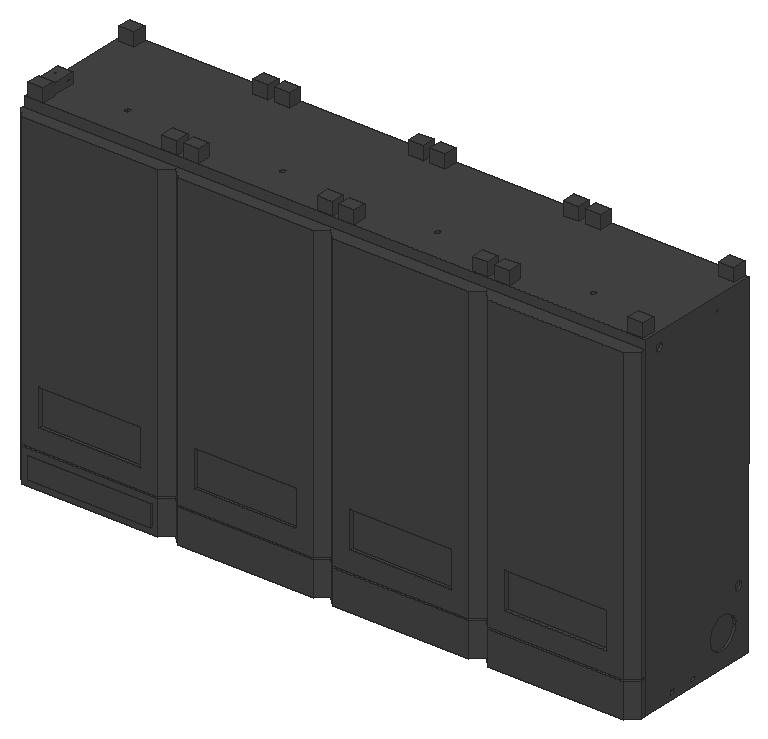
Revit family "SPG1012-4_Revit", category Mechanical Equipment, Revit 2014 (continued)
Dimensions and locks (in)
  aligned and locked: Extrusion 23 sketch curve to curve 114
  aligned and locked: Extrusion 23 sketch curve to curve 115
  aligned and locked: Extrusion 24 to plane 51
  aligned and locked: plane 50 to Extrusion 24
  aligned and locked: Extrusion 24 sketch curve to curve 116
  aligned and locked: Extrusion 24 sketch curve to curve 117
  aligned and locked: Extrusion 24 sketch curve to curve 118
  aligned and locked: Extrusion 24 sketch curve to curve 119
  aligned and locked: Extrusion 25 to plane 53
  aligned and locked: plane 52 to Extrusion 25
  aligned and locked: Extrusion 25 sketch curve to curve 120
  aligned and locked: Extrusion 25 sketch curve to curve 121
  aligned and locked: Extrusion 25 sketch curve to curve 122
  aligned and locked: Extrusion 25 sketch curve to curve 123
  aligned and locked: Extrusion 26 to plane 55
  aligned and locked: plane 54 to Extrusion 26
  aligned and locked: Extrusion 26 sketch curve to curve 124
  aligned and locked: Extrusion 26 sketch curve to curve 125
  aligned and locked: Extrusion 26 sketch curve to curve 126
  aligned and locked: Extrusion 26 sketch curve to curve 127
  aligned and locked: plane 57 to Extrusion 27
  aligned and locked: Extrusion 27 to plane 56
  aligned and locked: Extrusion 27 sketch curve to curve 128
  aligned and locked: Extrusion 27 sketch curve to curve 129
  aligned and locked: Extrusion 27 sketch curve to curve 130
  aligned and locked: Extrusion 27 sketch curve to curve 131
  aligned and locked: plane 59 to Extrusion 28
  aligned and locked: Extrusion 28 to plane 58
  aligned and locked: Extrusion 28 sketch curve to curve 132
  aligned and locked: Extrusion 28 sketch curve to curve 133
  aligned and locked: Extrusion 28 sketch curve to curve 134
  aligned and locked: Extrusion 28 sketch curve to curve 135
  aligned and locked: Extrusion 29 to plane 61
  aligned and locked: Extrusion 29 to plane 60
  aligned and locked: Extrusion 29 sketch curve to curve 136  (x2)
  aligned and locked: plane 63 to Extrusion 30
  aligned and locked: Extrusion 30 to plane 62
  aligned and locked: Extrusion 30 sketch curve to curve 137  (x2)
  aligned and locked: plane 65 to Extrusion 31
  aligned and locked: Extrusion 31 to plane 64
  aligned and locked: Extrusion 31 sketch curve to curve 138  (x2)
  aligned and locked: plane 67 to Extrusion 32
  aligned and locked: Extrusion 32 to plane 66
  aligned and locked: Extrusion 32 sketch curve to curve 139  (x2)
  aligned and locked: Extrusion 33 to plane 69
  aligned and locked: plane 68 to Extrusion 33
  aligned and locked: Extrusion 33 sketch curve to curve 140  (x2)
  aligned and locked: Extrusion 34 to plane 71
  aligned and locked: plane 70 to Extrusion 34
  aligned and locked: Extrusion 34 sketch curve to curve 141  (x2)
  aligned and locked: Extrusion 35 to plane 73
  aligned and locked: plane 72 to Extrusion 35
  aligned and locked: Extrusion 35 sketch curve to curve 142  (x2)
  aligned and locked: Extrusion 36 to plane 75
  aligned and locked: plane 74 to Extrusion 36
  aligned and locked: Extrusion 36 sketch curve to curve 143  (x2)
  aligned and locked: Extrusion 37 to plane 77
  aligned and locked: plane 76 to Extrusion 37
  aligned and locked: Extrusion 37 sketch curve to curve 144  (x2)
  aligned and locked: Extrusion 38 to plane 79
  aligned and locked: plane 78 to Extrusion 38
  aligned and locked: Extrusion 38 sketch curve to curve 145  (x2)
  aligned and locked: Extrusion 39 to plane 81
  aligned and locked: plane 80 to Extrusion 39
  aligned and locked: Extrusion 39 sketch curve to curve 146  (x2)
  aligned and locked: Extrusion 40 to plane 83
  aligned and locked: plane 82 to Extrusion 40
  aligned and locked: Extrusion 40 sketch curve to curve 147  (x2)
  aligned and locked: Extrusion 41 to plane 85
  aligned and locked: plane 84 to Extrusion 41
  aligned and locked: Extrusion 41 sketch curve to curve 148  (x2)
  aligned and locked: plane 87 to Extrusion 42
  aligned and locked: Extrusion 42 to plane 86
  aligned and locked: Extrusion 42 sketch curve to curve 149  (x2)
  aligned and locked: Extrusion 43 to plane 89
  aligned and locked: plane 88 to Extrusion 43
  aligned and locked: Extrusion 43 sketch curve to curve 150  (x2)
  aligned and locked: Extrusion 44 to plane 91
  aligned and locked: plane 90 to Extrusion 44
  aligned and locked: Extrusion 44 sketch curve to curve 151  (x2)
  aligned and locked: Extrusion 45 to plane 93
  aligned and locked: plane 92 to Extrusion 45
  aligned and locked: Extrusion 45 sketch curve to curve 152  (x2)
  aligned and locked: Extrusion 46 to plane 95
  aligned and locked: plane 94 to Extrusion 46
  aligned and locked: Extrusion 46 sketch curve to curve 153  (x2)
  aligned and locked: Extrusion 47 to plane 97
  aligned and locked: plane 96 to Extrusion 47
  aligned and locked: Extrusion 47 sketch curve to curve 154  (x2)
  aligned and locked: Extrusion 48 to plane 99
  aligned and locked: plane 98 to Extrusion 48
  aligned and locked: Extrusion 48 sketch curve to curve 155  (x2)
  aligned and locked: Extrusion 49 to plane 101
  aligned and locked: plane 100 to Extrusion 49
  aligned and locked: Extrusion 49 sketch curve to curve 156  (x2)
  aligned and locked: Extrusion 50 to plane 103
  aligned and locked: plane 102 to Extrusion 50
  aligned and locked: Extrusion 50 sketch curve to curve 157  (x2)
  aligned and locked: Extrusion 51 to plane 105
  aligned and locked: Extrusion 51 to plane 104
  aligned and locked: Extrusion 51 sketch curve to curve 158  (x2)
  aligned and locked: Extrusion 52 to plane 107
  aligned and locked: Extrusion 52 to plane 106
  aligned and locked: Extrusion 52 sketch curve to curve 159  (x2)
  aligned and locked: Extrusion 53 to plane 109
  aligned and locked: plane 108 to Extrusion 53
  aligned and locked: Extrusion 53 sketch curve to curve 160
  aligned and locked: Extrusion 53 sketch curve to curve 161
  aligned and locked: Extrusion 53 sketch curve to curve 162
  aligned and locked: Extrusion 53 sketch curve to curve 163
  aligned and locked: Extrusion 54 to plane 111
  aligned and locked: plane 110 to Extrusion 54
  aligned and locked: Extrusion 54 sketch curve to curve 164
  aligned and locked: Extrusion 54 sketch curve to curve 165
  aligned and locked: Extrusion 54 sketch curve to curve 166
  aligned and locked: Extrusion 54 sketch curve to curve 167
  aligned and locked: Extrusion 55 to plane 113
  aligned and locked: plane 112 to Extrusion 55
  aligned and locked: Extrusion 55 sketch curve to curve 168
  aligned and locked: Extrusion 55 sketch curve to curve 169
  aligned and locked: Extrusion 55 sketch curve to curve 170
  aligned and locked: Extrusion 55 sketch curve to curve 171
  aligned and locked: Extrusion 56 to plane 115
  aligned and locked: plane 114 to Extrusion 56
  aligned and locked: Extrusion 56 sketch curve to curve 172
  aligned and locked: Extrusion 56 sketch curve to curve 173
  aligned and locked: Extrusion 56 sketch curve to curve 174
  aligned and locked: Extrusion 56 sketch curve to curve 175
  aligned and locked: Extrusion 57 sketch curve to curve 176
  aligned and locked: Extrusion 57 sketch curve to curve 177
  aligned and locked: Extrusion 57 sketch curve to curve 178
  aligned and locked: Extrusion 57 sketch curve to curve 179
Connectors (in)
  hvac at (33.26658, 37.24182, -36.67462), driven by "Connector_1_Diameter"
    settings: on cut or joined group 1 (Extrusion 1, Extrusion 2, Extrusion 3, Extrusion 4, Extrusion 5, Extrusion 6, Extrusion 7, Extrusion 8, Extrusion 9, Extrusion 10, Extrusion 11, Extrusion 12, Extrusion 13, Extrusion 14, Extrusion 15, Extrusion 16, Extrusion 17, Extrusion 18, Extrusion 19, Extrusion 20, Extrusion 21, Extrusion 22, Extrusion 23, Extrusion 24, Extrusion 25, Extrusion 26, Extrusion 27, Extrusion 28, Extrusion 29, Extrusion 30, Extrusion 31, Extrusion 32, Extrusion 33, Extrusion 34, Extrusion 35, Extrusion 36, Extrusion 37, Extrusion 38, Extrusion 39, Extrusion 40, Extrusion 41, Extrusion 42, Extrusion 43, Extrusion 44, Extrusion 45, Extrusion 46, Extrusion 47, Extrusion 48, Extrusion 49, Extrusion 50, Extrusion 51, Extrusion 52, Extrusion 53, Extrusion 54, Extrusion 55, Extrusion 56, Extrusion 57), index 1, duct flow 0 CFM, flow factor 0, pres drop 0.00 in-wg, loss coef 0, conn angle 0.00°, conn width 12", conn height 12", conn diameter 0", duct sys type 1, conn prof type 0, flow config 1, flow direction 2, loss method 0, conn ref index -1, conn util no, is conn primary yes, conn desc "Steam Outlet 3\" (1 of 4)"
  hvac at (9.29358, 37.24182, -36.67462), driven by "Connector_2_Diameter"
    settings: on cut or joined group 1, index 2, duct flow 0 CFM, flow factor 0, pres drop 0.00 in-wg, loss coef 0, conn angle 0.00°, conn width 12", conn height 12", conn diameter 0", duct sys type 1, conn prof type 0, flow config 1, flow direction 2, loss method 0, conn ref index -1, conn util no, is conn primary no, conn desc "Steam Outlet 3\" (2 of 4)"
  hvac at (-14.67942, 37.24182, -36.67462), driven by "Connector_3_Diameter"
    settings: on cut or joined group 1, index 3, duct flow 0 CFM, flow factor 0, pres drop 0.00 in-wg, loss coef 0, conn angle 0.00°, conn width 12", conn height 12", conn diameter 0", duct sys type 1, conn prof type 0, flow config 1, flow direction 2, loss method 0, conn ref index -1, conn util no, is conn primary no, conn desc "Steam Outlet 3\" (3 of 4)"
  hvac at (-38.65242, 37.24182, -36.67462), driven by "Connector_4_Diameter"
    settings: on cut or joined group 1, index 4, duct flow 0 CFM, flow factor 0, pres drop 0.00 in-wg, loss coef 0, conn angle 0.00°, conn width 12", conn height 12", conn diameter 0", duct sys type 1, conn prof type 0, flow config 1, flow direction 2, loss method 0, conn ref index -1, conn util no, is conn primary no, conn desc "Steam Outlet 3\" (4 of 4)"
  hvac at (29.06658, 28.64182, -36.67462), driven by "Connector_5_Diameter"
    settings: on cut or joined group 1, index 5, duct flow 0 CFM, flow factor 0, pres drop 0.00 in-wg, loss coef 0, conn angle 0.00°, conn width 12", conn height 12", conn diameter 0", duct sys type 1, conn prof type 0, flow config 1, flow direction 1, loss method 0, conn ref index -1, conn util no, is conn primary no, conn desc "Ducted combustion air inlet 2\" (Sealed Combustion)(1 of 4)(Option)"
  hvac at (5.09358, 28.64182, -36.67462), driven by "Connector_6_Diameter"
    settings: on cut or joined group 1, index 6, duct flow 0 CFM, flow factor 0, pres drop 0.00 in-wg, loss coef 0, conn angle 0.00°, conn width 12", conn height 12", conn diameter 0", duct sys type 1, conn prof type 0, flow config 1, flow direction 1, loss method 0, conn ref index -1, conn util no, is conn primary no, conn desc "Ducted combustion air inlet 2\" (Sealed Combustion)(2 of 4)(Option)"
  hvac at (-18.87942, 28.64182, -36.67462), driven by "Connector_7_Diameter"
    settings: on cut or joined group 1, index 7, duct flow 0 CFM, flow factor 0, pres drop 0.00 in-wg, loss coef 0, conn angle 0.00°, conn width 12", conn height 12", conn diameter 0", duct sys type 1, conn prof type 0, flow config 1, flow direction 1, loss method 0, conn ref index -1, conn util no, is conn primary no, conn desc "Ducted combustion air inlet 2\" (Sealed Combustion)(3 of 4)(Option)"
  hvac at (-42.85242, 28.64182, -36.67462), driven by "Connector_8_Diameter"
    settings: on cut or joined group 1, index 8, duct flow 0 CFM, flow factor 0, pres drop 0.00 in-wg, loss coef 0, conn angle 0.00°, conn width 12", conn height 12", conn diameter 0", duct sys type 1, conn prof type 0, flow config 1, flow direction 1, loss method 0, conn ref index -1, conn util no, is conn primary no, conn desc "Ducted combustion air inlet 2\" (Sealed Combustion)(4 of 4)(Option)"
  hvac at (-58.22042, 41.29267, -31.73682), driven by "Connector_9_Diameter"
    settings: on cut or joined group 1, index 9, duct flow 0 CFM, flow factor 0, pres drop 0.00 in-wg, loss coef 0, conn angle 0.00°, conn width 12", conn height 12", conn diameter 0", duct sys type 3, conn prof type 0, flow config 1, flow direction 2, loss method 0, conn ref index -1, conn util no, is conn primary no, conn desc "Flue Outlet 5\" (STD)"
  hvac at (39.23958, 41.29267, -31.73682), driven by "Connector_10_Diameter"
    settings: on cut or joined group 1, index 10, duct flow 0 CFM, flow factor 0, pres drop 0.00 in-wg, loss coef 0, conn angle 0.00°, conn width 12", conn height 12", conn diameter 0", duct sys type 3, conn prof type 0, flow config 1, flow direction 2, loss method 0, conn ref index -1, conn util no, is conn primary no, conn desc "Flue Outlet 5\" (Option)"
  electrical at (39.23958, 31.49082, -35.62682)
    settings: on cut or joined group 1, index 11, voltage 0 V, apparent load 0 VA, apparent load phase1 0 VA, apparent load phase2 0 VA, apparent load phase3 0 VA, power factor 1, load classification "Other", number of poles 1, system type 13, power factor state 1, is connector primary yes, connector utility no, sub classification motor no, connector description "Low Voltage Control Inlet 7/8\"-1 3/8\" (KO)(Option)"
  electrical at (39.23958, 35.49082, -35.62682)
    settings: on cut or joined group 1, index 12, voltage 0 V, apparent load 0 VA, apparent load phase1 0 VA, apparent load phase2 0 VA, apparent load phase3 0 VA, power factor 0, load classification "Other", number of poles 1, system type 30, power factor state 1, is connector primary no, connector utility no, sub classification motor no, connector description "Power Supply Inlet 7/8\"-1 3/8\" (KO)(Option)"
  electrical at (-56.65242, 31.49082, -35.62682)
    settings: on cut or joined group 1, index 13, voltage 0 V, apparent load 0 VA, apparent load phase1 0 VA, apparent load phase2 0 VA, apparent load phase3 0 VA, power factor 1, load classification "Other", number of poles 1, system type 13, power factor state 1, is connector primary no, connector utility no, sub classification motor no, connector description "Low Voltage Control Inlet 7/8\"-1 3/8\" (KO)(STD)"
  electrical at (-56.65242, 35.49082, -35.62682)
    settings: on cut or joined group 1, index 14, voltage 0 V, apparent load 0 VA, apparent load phase1 0 VA, apparent load phase2 0 VA, apparent load phase3 0 VA, power factor 0, load classification "Other", number of poles 1, system type 30, power factor state 1, is connector primary no, connector utility no, sub classification motor no, connector description "Power supply Inlet 7/8\"-1 3/8\" (KO)(STD)"
  piping at (-56.65242, 44.33182, -26.52484), driven by "Connector_15_Diameter"
    settings: on cut or joined group 1, index 15, connector diameter 0", connector inside diameter 24", connector length 0' - 0", flow factor 0, pipe flow 0 GPM, pressure drop 0.00 psi, fitting loss kfactor 0, connector angle 0.00°, fixture units 0, engagement length 0' - 0", angle of deflection 0.00°, flow configuration 1, flow direction 1, fitting loss method 0, system type 22, joint type 0, gender type 0, connector reference index -1, connector utility 0, adjustable connector no, is connector primary yes, connector description "Gas Supply Inlet 1 1/2\" NPT (STD)"
  piping at (39.23958, 44.33182, -26.52484), driven by "Connector_16_Diameter"
    settings: on cut or joined group 1, index 16, connector diameter 0", connector inside diameter 24", connector length 0' - 0", flow factor 0, pipe flow 0 GPM, pressure drop 0.00 psi, fitting loss kfactor 0, connector angle 0.00°, fixture units 0, engagement length 0' - 0", angle of deflection 0.00°, flow configuration 1, flow direction 1, fitting loss method 0, system type 22, joint type 0, gender type 0, connector reference index -1, connector utility 0, adjustable connector no, is connector primary no, connector description "Gas Supply Inlet 1 1/2\" NPT (Option)"
  piping at (39.23958, 29.06582, 13.12913), driven by "Connector_17_Diameter"
    settings: on cut or joined group 1, index 17, connector diameter 0", connector inside diameter 24", connector length 0' - 0", flow factor 0, pipe flow 0 GPM, pressure drop 0.00 psi, fitting loss kfactor 0, connector angle 0.00°, fixture units 0, engagement length 0' - 0", angle of deflection 0.00°, flow configuration 1, flow direction 2, fitting loss method 0, system type 16, joint type 0, gender type 0, connector reference index -1, connector utility 0, adjustable connector no, is connector primary no, connector description "Main drain Outlet 1 3/8\" (Option)"
  piping at (-56.65242, 29.06582, 13.12913), driven by "Connector_18_Diameter"
    settings: on cut or joined group 1, index 18, connector diameter 0", connector inside diameter 24", connector length 0' - 0", flow factor 0, pipe flow 0 GPM, pressure drop 0.00 psi, fitting loss kfactor 0, connector angle 0.00°, fixture units 0, engagement length 0' - 0", angle of deflection 0.00°, flow configuration 1, flow direction 2, fitting loss method 0, system type 16, joint type 0, gender type 0, connector reference index -1, connector utility 0, adjustable connector no, is connector primary no, connector description "Main drain Outlet 1 3/8\" (Option)"
  piping at (-56.15142, 31.36562, 16.28018), driven by "Connector_19_Diameter"
    settings: on cut or joined group 1, index 19, connector diameter 0", connector inside diameter 24", connector length 0' - 0", flow factor 0, pipe flow 0 GPM, pressure drop 0.00 psi, fitting loss kfactor 0, connector angle 0.00°, fixture units 0, engagement length 0' - 0", angle of deflection 0.00°, flow configuration 1, flow direction 2, fitting loss method 0, system type 16, joint type 0, gender type 0, connector reference index -1, connector utility 0, adjustable connector no, is connector primary no, connector description "Pan drip drain outlet 1/2\" (STD)"
  piping at (-56.65242, 40.24082, 13.28518), driven by "Connector_20_Diameter"
    settings: on cut or joined group 1, index 20, connector diameter 0", connector inside diameter 24", connector length 0' - 0", flow factor 0, pipe flow 0 GPM, pressure drop 0.00 psi, fitting loss kfactor 0, connector angle 0.00°, fixture units 0, engagement length 0' - 0", angle of deflection 0.00°, flow configuration 1, flow direction 1, fitting loss method 0, system type 20, joint type 0, gender type 0, connector reference index -1, connector utility 0, adjustable connector no, is connector primary no, connector description "Water Supply Inlet 1/2\" NPT (STD)"
  piping at (39.23958, 40.24082, 13.28518), driven by "Connector_21_Diameter"
    settings: on cut or joined group 1, index 21, connector diameter 0", connector inside diameter 24", connector length 0' - 0", flow factor 0, pipe flow 0 GPM, pressure drop 0.00 psi, fitting loss kfactor 0, connector angle 0.00°, fixture units 0, engagement length 0' - 0", angle of deflection 0.00°, flow configuration 1, flow direction 1, fitting loss method 0, system type 20, joint type 0, gender type 0, connector reference index -1, connector utility 0, adjustable connector no, is connector primary no, connector description "Water Supply Inlet 1/2\" NPT (Option)"
  hvac at (27.25258, 24.68102, -25.29357), driven by "Connector_22_Height", driven by "Connector_22_Width"
    settings: on cut or joined group 1, index 22, duct flow 0 CFM, flow factor 0, pres drop 0.00 in-wg, loss coef 0, conn angle 0.00°, conn width 0", conn height 0", conn diameter 24", duct sys type 1, conn prof type 1, flow config 1, flow direction 1, loss method 0, conn ref index -1, conn util no, is conn primary no, conn desc "Natural Air Inlet"
  hvac at (3.27958, 24.68102, -25.29357), driven by "Connector_23_Height", driven by "Connector_23_Width"
    settings: on cut or joined group 1, index 23, duct flow 0 CFM, flow factor 0, pres drop 0.00 in-wg, loss coef 0, conn angle 0.00°, conn width 0", conn height 0", conn diameter 24", duct sys type 1, conn prof type 1, flow config 1, flow direction 1, loss method 0, conn ref index -1, conn util no, is conn primary no, conn desc "Natural Air Inlet"
  hvac at (-20.69342, 24.68102, -25.29357), driven by "Connector_24_Height", driven by "Connector_24_Width"
    settings: on cut or joined group 1, index 24, duct flow 0 CFM, flow factor 0, pres drop 0.00 in-wg, loss coef 0, conn angle 0.00°, conn width 0", conn height 0", conn diameter 24", duct sys type 1, conn prof type 1, flow config 1, flow direction 1, loss method 0, conn ref index -1, conn util no, is conn primary no, conn desc "Natural Air Inlet"
  hvac at (-44.66642, 24.68102, -25.29357), driven by "Connector_25_Height", driven by "Connector_25_Width"
    settings: on cut or joined group 1, index 25, duct flow 0 CFM, flow factor 0, pres drop 0.00 in-wg, loss coef 0, conn angle 0.00°, conn width 0", conn height 0", conn diameter 24", duct sys type 1, conn prof type 1, flow config 1, flow direction 1, loss method 0, conn ref index -1, conn util no, is conn primary no, conn desc "Natural Air Inlet"
